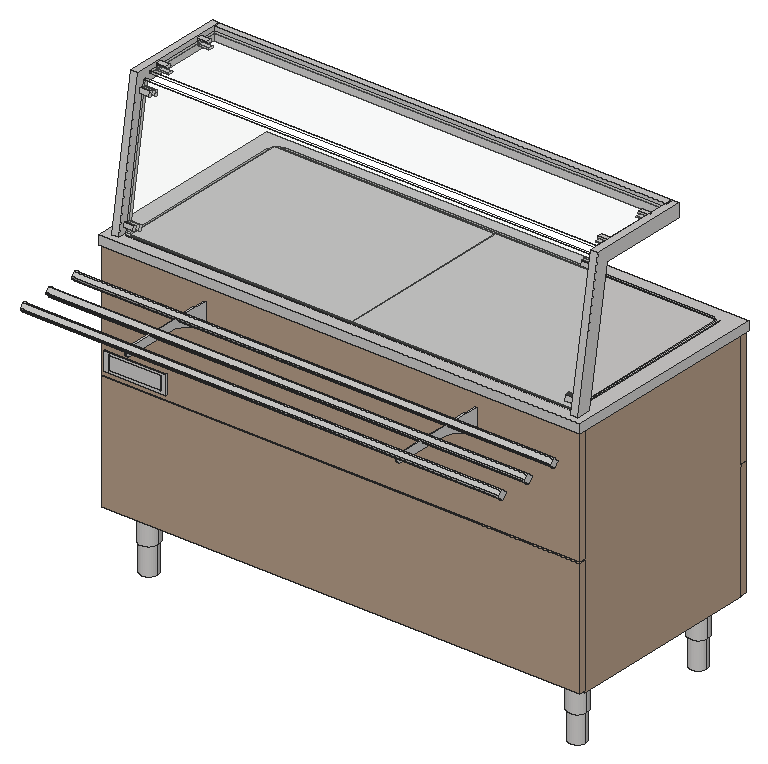
Revit family "QF_ELECTROLUXPROFESSIONAL_322086_F04H4AF01W", category Specialty Equipment, Revit 2018
Family settings
  Round Connector Dimension = Use Diameter
  Part Type = Normal
  Work Plane-Based = No
  Always vertical = Yes
  Cut with Voids When Loaded = No
  Shared = No
  Room Calculation Point = No
Parameters (values of type "Standard")
  Weight = 126.50 kg
  Watts = 0 W
  Volts = 220 V
  URL Manufacturer = "http://professional.electrolux.com"
  URL = "http://professional.electrolux.com"
  Steam Supply Size = 0 mm
  Steam Supply Minimum Pressure = 0.0 Pa
  Steam Supply Maximum Pressure = 0.0 Pa
  Steam Pounds per Hour = 0
  Show Clearance [instance] = yes
  Refrigeration Suction Line Size = 0 mm
  Refrigeration Liquid Line Size = 0 mm
  Refrigerant Compressor Remote = yes
  Manufacturer = "Electrolux Professional"
  Phase = 1
  Model = "F04H4AF01W"
  Length Actual = 1420 mm  # constant formula
  Item Number = "322086"
  Hot Water Size = 0 mm
  Height Actual = 1304 mm  # constant formula
  HP = "0 HP"
  Gas Size = 0 mm
  Gas KW = 0
  Gas Input Pressure = 0 W
  Direct Waste Size = 0 mm
  Description = "TEMPERED GLASS TOP, 4GN H=900MM OVERSHELF W/LED LIGHTS"
  Depth Actual = 915 mm  # constant formula
  Cycle = 60 Hz
  Condensate Return Size = 0 mm
  Compressed Air Volume = 0.0 L/s
  Compressed Air Size = 0 mm
  Compressed Air Pressure = 0.0 Pa
  Cold Water Size = 0 mm
  Accessory = yes
Types (2, lengths in mm): name | URL | Manufacturer | Phase | Model | Description
  (no name) | 0 | 0 | 0 | 0 | 0
  Standard | "http://professional.electrolux.com" | "Electrolux Professional" | 1 | "F04H4AF01W" | "TEMPERED GLASS TOP, 4GN H=900MM OVERSHELF W/LED LIGHTS"
Values of the unnamed type that differ from the named types
  Volts = 0 V
  URL Manufacturer = ""
  Item Number = ""
  Cycle = 0 Hz
Reference planes
  plane 1 "Centro (Fronte/Retro)": y = 74.737
  plane 2: z = 0
  plane 3 "BACK": y = 384.737
  plane 4 "FRONT": y = -235.263
  plane 5: z = 900
  plane 6 "RIGHT": x = 195.731
  plane 7 "LEFT": x = -1224.269
  plane 8: x = -514.269
  plane 9: y = 664.737
  plane 10: y = -530.02
  plane 11: z = 178
  plane 12: z = 1304
  plane 13: z = 1222
  plane 14: y = 297.737
  plane 15: y = -148.263
  plane 16: x = -1146.269
  plane 17: x = 117.731
  plane 18: x = -1220.269
  plane 19: y = -231.263
  plane 20: x = 191.731
  plane 21: y = 380.737
  plane 22: z = 874
  plane 23: y = 362.737
  plane 24: y = -213.263
  plane 25: z = 182
  plane 26: z = 527
  plane 27: z = 531
  plane 28: x = -112.269
  plane 29: x = -916.269
  plane 30: x = -1202.269
  plane 31: x = 173.731
  plane 32: x = 153.731
  plane 33: x = -1182.269
  plane 34: x = -1174.269
  plane 35: x = 145.731
  plane 36: y = 130.237
  plane 37: y = 19.237
  plane 38: y = 33.237
  plane 39: y = 116.237
  plane 40: x = -1112.269
  plane 41: x = 90.731
Forms (mm)
  Extrusion 1, solid, material "QF_Finishes_Wood"
    sketch origin (0, 0, 0) x (1, 0, 0) y (0, 1, 0)
      loop
        line (-1220.269, 362.737) -> (-1220.269, -213.263) -> (191.731, -213.263) -> (191.731, 362.737) -> (-1220.269, 362.737)
    from 178 to 874
  Extrusion 2, solid, material "QF_Finishes_Wood"
    sketch origin (191.731, 362.737, 0) x (0, -1, 0) y (0, 0, -1)
      loop
        line (576, -182) -> (576, -527) -> (594, -527) -> (594, -182) -> (576, -182)
      loop
        line (576, -531) -> (576, -874) -> (594, -874) -> (594, -531) -> (576, -531)
    from 0 to -1412
  Extrusion 3, solid, material "QF_Finishes_Wood"
    sketch origin (191.731, -213.263, 0) x (0, 1, 0) y (0, 0, 1)
      loop
        line (576, 531) -> (594, 531) -> (594, 874) -> (576, 874) -> (576, 531)
    from 0 to -1412
  Extrusion 4, solid, material "QF_Finishes_Stainless Steel"
    sketch origin (0, 0, 0) x (1, 0, 0) y (0, 1, 0)
      loop
        line (-1224.269, 384.737) -> (-1224.269, -235.263) -> (195.731, -235.263) -> (195.731, 384.737) -> (-1224.269, 384.737)
    from 874 to 900
  Extrusion 5, solid, material "QF_Finishes_Stainless Steel"
    sketch origin (-117.269, 362.737, 0) x (0, -1, 0) y (0, 0, -1)
      loop
        arc (628.84, -832.7) -> (632.082, -833.911) -> (635.519, -834.32) r 14.5
        line (635.519, -834.32) -> (675.715, -834.32) -> (689.858, -820.177) -> (704, -834.32) -> (770.715, -834.32) -> (784.858, -820.177) -> (799, -834.32) -> (865.716, -834.32) -> (879.858, -820.177) -> (887.686, -828.005) -> (887.686, -821.352)
        arc (887.686, -821.352) -> (887.303, -819.435) -> (886.214, -817.81) r 4.999
        line (886.214, -817.81) -> (881.179, -812.776)
        arc (881.179, -812.776) -> (879.559, -811.698) -> (877.651, -811.32) r 5
        line (877.651, -811.32) -> (732.206, -811.32)
        arc (732.206, -811.32) -> (708.662, -809.221) -> (685.86, -802.991) r 133.106
        line (685.86, -802.991) -> (638.285, -785.32) -> (597.679, -770.12) -> (594, -770.12) -> (594, -832.7) -> (628.84, -832.7)
    from 0 to 5
  Extrusion 6, solid, material "QF_Finishes_Wood"
    sketch origin (419.731, -213.263, -348) x (0, 1, 0) y (0, 0, 1)
      loop
        line (576, 530) -> (594, 530) -> (594, 875) -> (576, 875) -> (576, 530)
    from -228 to -383
  Extrusion 7, solid, material "QF_Finishes_Wood"
    sketch origin (-234.269, -213.263, -348) x (0, 1, 0) y (0, 0, 1)
      loop
        line (576, 530) -> (594, 530) -> (594, 875) -> (576, 875) -> (576, 530)
    from -831.045 to -986
  Extrusion 8, solid, material "QF_Finishes_Stainless Steel"
    sketch origin (-916.269, 362.737, 0) x (0, -1, 0) y (0, 0, -1)
      loop
        arc (628.84, -832.7) -> (632.082, -833.911) -> (635.519, -834.32) r 14.5
        line (635.519, -834.32) -> (675.715, -834.32) -> (689.858, -820.177) -> (704, -834.32) -> (770.715, -834.32) -> (784.858, -820.177) -> (799, -834.32) -> (865.716, -834.32) -> (879.858, -820.177) -> (887.686, -828.005) -> (887.686, -821.352)
        arc (887.686, -821.352) -> (887.303, -819.435) -> (886.214, -817.81) r 4.999
        line (886.214, -817.81) -> (881.179, -812.776)
        arc (881.179, -812.776) -> (879.559, -811.698) -> (877.651, -811.32) r 5
        line (877.651, -811.32) -> (732.206, -811.32)
        arc (732.206, -811.32) -> (708.662, -809.221) -> (685.86, -802.991) r 133.106
        line (685.86, -802.991) -> (638.285, -785.32) -> (597.679, -770.12) -> (594, -770.12) -> (594, -832.7) -> (628.84, -832.7)
    from 0 to 5
  Extrusion 9, solid, material "QF_Finishes_Stainless Steel"
    sketch origin (191.731, 362.737, 0) x (0, -1, 0) y (0, 0, -1)
      loop
        line (881.983, -846.337) -> (891.875, -836.445)
        arc (891.875, -836.445) -> (892.757, -834.322) -> (891.879, -832.198) r 3
        line (891.879, -832.198) -> (881.979, -822.299)
        arc (881.979, -822.299) -> (879.858, -821.42) -> (877.737, -822.299) r 3
        line (877.737, -822.299) -> (867.837, -832.198)
        arc (867.837, -832.198) -> (866.958, -834.32) -> (867.837, -836.441) r 3
        line (867.837, -836.441) -> (877.737, -846.34)
        arc (877.737, -846.34) -> (879.86, -847.219) -> (881.983, -846.337) r 3
      loop
        line (786.979, -846.34) -> (796.879, -836.441)
        arc (796.879, -836.441) -> (797.757, -834.32) -> (796.879, -832.198) r 3
        line (796.879, -832.198) -> (786.979, -822.299)
        arc (786.979, -822.299) -> (784.858, -821.42) -> (782.737, -822.299) r 3
        line (782.737, -822.299) -> (772.837, -832.198)
        arc (772.837, -832.198) -> (771.958, -834.317) -> (772.833, -836.437) r 3
        line (772.833, -836.437) -> (782.741, -846.345)
        arc (782.741, -846.345) -> (784.861, -847.219) -> (786.979, -846.34) r 3
      loop
        line (691.976, -846.343) -> (701.882, -836.438)
        arc (701.882, -836.438) -> (702.757, -834.318) -> (701.879, -832.198) r 3
        line (701.879, -832.198) -> (691.979, -822.299)
        arc (691.979, -822.299) -> (689.858, -821.42) -> (687.737, -822.299) r 3
        line (687.737, -822.299) -> (677.837, -832.198)
        arc (677.837, -832.198) -> (676.958, -834.32) -> (677.837, -836.441) r 3
        line (677.837, -836.441) -> (687.737, -846.34)
        arc (687.737, -846.34) -> (689.856, -847.219) -> (691.976, -846.343) r 3
    from 0 to -1412
  Extrusion 10, solid, material "QF_Finishes_Stainless Steel"
    sketch origin (191.731, 362.737, 0) x (0, -1, 0) y (0, 0, -1)
      loop
        line (206.477, -1264.379) -> (206.477, -1304) -> (507.108, -1304) -> (578.344, -900) -> (537.727, -900) -> (473.477, -1264.379) -> (206.477, -1264.379)
    from -18 to -38
  Extrusion 11, solid, material "QF_Finishes_Stainless Steel"
    sketch origin (-895.269, 362.737, 0) x (0, -1, 0) y (0, 0, 1)
      loop
        line (206.477, 1264.379) -> (473.477, 1264.379) -> (537.727, 900) -> (578.344, 900) -> (507.108, 1304) -> (206.477, 1304) -> (206.477, 1264.379)
    from 307 to 287
  Extrusion 12, solid, material "QF_Finishes_Glass"
    sketch origin (-133.269, -231.263, 531) x (0, 0, 1) y (-1, 0, 0)
      loop
        line (757.879, -279) -> (765.879, -279) -> (765.879, 1041) -> (757.879, 1041) -> (757.879, -279)
    from -361.5 to -120.204
  Extrusion 13, solid, material "QF_Finishes_Stainless Steel"
    sketch origin (0, 0, 0) x (1, 0, 0) y (0, 1, 0)
      loop
        line (-1182.269, 156.26) -> (-1182.269, 136.26) -> (153.731, 136.26) -> (153.731, 156.26) -> (-1182.269, 156.26)
    from 1264.379 to 1304
  Extrusion 14, solid, material "QF_Finishes_Glass"
    sketch origin (-133.269, 362.737, 0) x (0, -1, 0) y (0, 0, -1)
      loop
        line (494.569, -1282.974) -> (562.097, -900) -> (553.974, -900) -> (486.445, -1282.974) -> (494.569, -1282.974)
    from 279 to -1041
  Extrusion 15, solid, material "QF_Finishes_Wood"
    sketch origin (314.688, -213.263, -348) x (0, 1, 0) y (0, 0, 1)
      loop
        line (576, 530) -> (594, 530) -> (594, 875) -> (576, 875) -> (576, 530)
    from -277.956 to -828.956
  Extrusion 16, solid, material "QF_Finishes_Stainless Steel"
    sketch origin (-308.144, -64.263, 531) x (0, 0, 1) y (-1, 0, 0)
      loop
        line (765.879, 841.5) -> (770.879, 843.5) -> (770.879, 874.125) -> (750.879, 874.125) -> (750.879, 866) -> (751.974, 866) -> (751.974, 835.938) -> (755.879, 837.5) -> (755.879, 867) -> (765.879, 867) -> (765.879, 841.5)
    from 0 to 14
  Extrusion 17, solid, material "QF_Finishes_Stainless Steel"
    sketch origin (-308.144, 85.737, 531) x (0, 0, 1) y (-1, 0, 0)
      loop
        line (765.879, 841.5) -> (770.879, 843.5) -> (770.879, 874.125) -> (750.879, 874.125) -> (750.879, 866) -> (751.974, 866) -> (751.974, 835.938) -> (755.879, 837.5) -> (755.879, 867) -> (765.879, 867) -> (765.879, 841.5)
    from 0 to 14
  Extrusion 18, solid, material "QF_Finishes_Stainless Steel"
    sketch origin (-720.394, -64.263, 531) x (0, 0, 1) y (-1, 0, 0)
      loop
        line (765.879, -841.5) -> (765.879, -867) -> (755.879, -867) -> (755.879, -837.5) -> (751.974, -835.938) -> (751.974, -866) -> (750.879, -866) -> (750.879, -874.125) -> (770.879, -874.125) -> (770.879, -843.5) -> (765.879, -841.5)
    from 0 to 14
  Extrusion 19, solid, material "QF_Finishes_Stainless Steel"
    sketch origin (-720.394, 85.737, 531) x (0, 0, 1) y (-1, 0, 0)
      loop
        line (765.879, -841.5) -> (765.879, -867) -> (755.879, -867) -> (755.879, -837.5) -> (751.974, -835.938) -> (751.974, -866) -> (750.879, -866) -> (750.879, -874.125) -> (770.879, -874.125) -> (770.879, -843.5) -> (765.879, -841.5)
    from 0 to 14
  Extrusion 20, solid, material "QF_Finishes_Stainless Steel"
    sketch origin (-720.394, 619.458, 1129.907) x (0, -0.984808, 0.173648) y (-1, 0, 0)
      loop
        line (765.879, -841.5) -> (765.879, -867) -> (755.879, -867) -> (755.879, -837.5) -> (751.974, -835.938) -> (751.974, -866) -> (750.879, -866) -> (750.879, -874.125) -> (770.879, -874.125) -> (770.879, -843.5) -> (765.879, -841.5)
    from 0 to 14
  Extrusion 21, solid, material "QF_Finishes_Stainless Steel"
    sketch origin (-308.144, 619.458, 1129.907) x (0, -0.984808, 0.173648) y (-1, 0, 0)
      loop
        line (765.879, 841.5) -> (770.879, 843.5) -> (770.879, 874.125) -> (750.879, 874.125) -> (750.879, 866) -> (751.974, 866) -> (751.974, 835.938) -> (755.879, 837.5) -> (755.879, 867) -> (765.879, 867) -> (765.879, 841.5)
    from 0 to 14
  Extrusion 22, solid, material "QF_Finishes_Stainless Steel"
    sketch origin (-720.394, 562.154, 799.389) x (0, -0.984808, 0.173648) y (-1, 0, 0)
      loop
        line (765.879, -841.5) -> (765.879, -867) -> (755.879, -867) -> (755.879, -837.5) -> (751.974, -835.938) -> (751.974, -866) -> (750.879, -866) -> (750.879, -874.125) -> (770.879, -874.125) -> (770.879, -843.5) -> (765.879, -841.5)
    from 0 to 14
  Extrusion 23, solid, material "QF_Finishes_Stainless Steel"
    sketch origin (-308.144, 562.154, 799.389) x (0, -0.984808, 0.173648) y (-1, 0, 0)
      loop
        line (765.879, 841.5) -> (770.879, 843.5) -> (770.879, 874.125) -> (750.879, 874.125) -> (750.879, 866) -> (751.974, 866) -> (751.974, 835.938) -> (755.879, 837.5) -> (755.879, 867) -> (765.879, 867) -> (765.879, 841.5)
    from 0 to 14
  Extrusion 24, solid, material "QF_Finishes_Wood"
    sketch origin (-236.312, -213.263, -348) x (0, 1, 0) y (0, 0, 1)
      loop
        line (576, 530) -> (594, 530) -> (594, 875) -> (576, 875) -> (576, 530)
    from -277.956 to -828.956
  Extrusion 25, solid, material "QF_Door-Drawer Clearances", visible <- "Show Clearance"
    sketch origin (-1028.537, -4, 0) x (-1, 0, 0) y (0, -1, 0)
      loop
        arc (-514.269, -384.737) -> (-496.592, -527.741) -> (-441.747, -660.987) r 540.292
        line (-441.747, -660.987) -> (36.731, -384.737) -> (-514.269, -384.737)
    from 182 to 527
  Extrusion 26, solid, material "QF_Finishes_Stainless Steel"
    sketch origin (325, 0, 0) x (1, 0, 0) y (0, 1, 0)
      loop
        circle (-196.269, 124.737) r 10
    from 178 to 166
  Extrusion 27, solid, material "QF_Finishes_Stainless Steel"
    sketch origin (-1353.537, 0, 0) x (-1, 0, 0) y (0, -1, 0)
      loop
        circle (-196.269, -124.737) r 10
    from 178 to 166
  Extrusion 28, solid, material "QF_Door-Drawer Clearances", visible <- "Show Clearance"
    sketch origin (0, -4, 0) x (1, 0, 0) y (0, 1, 0)
      loop
        line (-514.269, 384.737) -> (36.731, 384.737) -> (-441.747, 660.987)
        arc (-441.747, 660.987) -> (-496.592, 527.741) -> (-514.269, 384.737) r 540.292
    from 182 to 527
  Extrusion 29, void
    sketch origin (0, 0, 0) x (1, 0, 0) y (0, 1, 0)
      loop
        line (-1174.269, 320.392) -> (-1174.269, -169.608)
        arc (-1174.269, -169.608) -> (-1165.482, -190.821) -> (-1144.269, -199.608) r 30
        line (-1144.269, -199.608) -> (115.731, -199.608)
        arc (115.731, -199.608) -> (136.945, -190.821) -> (145.731, -169.608) r 30
        line (145.731, -169.608) -> (145.731, 320.392)
        arc (145.731, 320.392) -> (136.945, 341.606) -> (115.731, 350.392) r 30
        line (115.731, 350.392) -> (-1144.269, 350.392)
        arc (-1144.269, 350.392) -> (-1165.482, 341.606) -> (-1174.269, 320.392) r 30
    from 681.589 to 900
Cuts and joins
  Extrusion 29 cuts Extrusion 1
  Extrusion 29 cuts Extrusion 4
  Extrusion 29 cuts Extrusion 14
Lines and regions (mm)
  symbolic lines
    curve 1: line (195.731, 384.737, 0) -> (195.731, -235.263, 0)
    curve 2: line (-1224.269, -235.263, 0) -> (-1224.269, 384.737, 0)
    curve 3: line (-1224.269, 384.737, 0) -> (195.731, 384.737, 0)
    curve 4: line (-1224.269, -235.263, 0) -> (195.731, -235.263, 0)
    curve 5: line (145.731, -64.263, 0) -> (145.731, 71.737, 0)
    curve 6: line (-1174.269, 71.737, 0) -> (-1174.269, -64.263, 0)
    curve 7: line (-1202.269, 156.26, 0) -> (173.731, 156.26, 0)
    curve 8: line (173.731, 156.26, 0) -> (173.731, -215.607, 0)
    curve 9: line (173.731, -215.607, 0) -> (153.731, -215.607, 0)
    curve 10: line (153.731, -215.607, 0) -> (153.731, 156.26, 0)
    curve 11: line (153.731, 136.26, 0) -> (-1182.269, 136.26, 0)
    curve 12: line (-1182.269, 156.26, 0) -> (-1182.269, -215.607, 0)
    curve 13: line (-1182.269, -215.607, 0) -> (-1202.269, -215.607, 0)
    curve 14: line (-1202.269, -215.607, 0) -> (-1202.269, 156.26, 0)
    curve 15: line (-1202.269, -144.371, 0) -> (-1182.269, -144.371, 0)
    curve 16: line (153.731, -144.371, 0) -> (173.731, -144.371, 0)
    curve 17: line (-1174.269, 130.237, 0) -> (-1174.269, 85.737, 0)
    curve 18: line (-1174.269, 130.237, 0) -> (145.731, 130.237, 0)
    curve 19: line (145.731, 130.237, 0) -> (145.731, 85.737, 0)
    curve 20: line (145.731, -78.263, 0) -> (145.731, -111.059, 0)
    curve 21: line (153.731, 85.737, 0) -> (121.231, 85.737, 0)
    curve 22: line (121.231, 85.737, 0) -> (121.231, 71.737, 0)
    curve 23: line (121.231, 71.737, 0) -> (153.731, 71.737, 0)
    curve 24: line (153.731, -64.263, 0) -> (121.231, -64.263, 0)
    curve 25: line (121.231, -64.263, 0) -> (121.231, -78.263, 0)
    curve 26: line (121.231, -78.263, 0) -> (153.731, -78.263, 0)
    curve 27: line (-1182.269, -64.263, 0) -> (-1149.769, -64.263, 0)
    curve 28: line (-1149.769, -64.263, 0) -> (-1149.769, -78.263, 0)
    curve 29: line (-1149.769, -78.263, 0) -> (-1182.269, -78.263, 0)
    curve 30: line (-1182.269, 85.737, 0) -> (-1149.769, 85.737, 0)
    curve 31: line (-1149.769, 85.737, 0) -> (-1149.769, 71.737, 0)
    curve 32: line (-1149.769, 71.737, 0) -> (-1182.269, 71.737, 0)
    curve 33: line (-1182.269, -142.14, 0) -> (-1151.769, -142.14, 0)
    curve 34: line (-1151.769, -142.14, 0) -> (-1151.769, -139.709, 0)
    curve 35: line (-1151.769, -139.709, 0) -> (-1182.269, -139.709, 0)
    curve 36: line (-1151.769, -142.14, 0) -> (-1149.769, -137.216, 0)
    curve 37: line (-1175.269, -134.785, 0) -> (-1149.769, -134.785, 0)
    curve 38: line (-1175.269, -134.785, 0) -> (-1175.269, -124.937, 0)
    curve 39: line (-1175.269, -124.937, 0) -> (-1174.269, -124.937, 0)
    curve 40: line (-1175.269, -127.368, 0) -> (-1174.269, -127.368, 0)
    curve 41: line (-1182.269, -120.013, 0) -> (-1174.269, -120.013, 0)
    curve 42: line (-1174.269, -120.013, 0) -> (-1174.269, -121.091, 0)
    curve 43: line (-1174.269, -121.091, 0) -> (-1144.207, -121.091, 0)
    curve 44: line (-1144.207, -121.091, 0) -> (-1144.207, -123.708, 0)
    curve 45: line (-1144.207, -121.091, 0) -> (-1145.269, -123.708, 0)
    curve 46: line (-1151.769, -139.709, 0) -> (-1149.769, -134.785, 0)
    curve 47: line (-1149.769, -134.785, 0) -> (-1149.769, -137.216, 0)
    curve 48: line (-1174.269, -123.708, 0) -> (-1174.269, -134.785, 0)
    curve 49: line (145.731, -131.831, 0) -> (145.731, -123.708, 0)
    curve 50: line (145.731, -123.708, 0) -> (-1174.269, -123.708, 0)
    curve 51: line (153.731, -142.14, 0) -> (123.231, -142.14, 0)
    curve 52: line (123.231, -142.14, 0) -> (123.231, -139.709, 0)
    curve 53: line (123.231, -139.709, 0) -> (153.731, -139.709, 0)
    curve 54: line (123.231, -142.14, 0) -> (121.231, -137.216, 0)
    curve 55: line (146.731, -134.785, 0) -> (121.231, -134.785, 0)
    curve 56: line (146.731, -134.785, 0) -> (146.731, -124.937, 0)
    curve 57: line (146.731, -124.937, 0) -> (145.731, -124.937, 0)
    curve 58: line (146.731, -127.368, 0) -> (145.731, -127.368, 0)
    curve 59: line (153.731, -120.013, 0) -> (145.731, -120.013, 0)
    curve 60: line (145.731, -120.013, 0) -> (145.731, -121.091, 0)
    curve 61: line (145.731, -121.091, 0) -> (115.669, -121.091, 0)
    curve 62: line (115.669, -121.091, 0) -> (115.669, -123.708, 0)
    curve 63: line (115.669, -121.091, 0) -> (116.732, -123.708, 0)
    curve 64: line (123.231, -139.709, 0) -> (121.231, -134.785, 0)
    curve 65: line (121.231, -134.785, 0) -> (121.231, -137.216, 0)
    curve 66: line (145.731, -123.708, 0) -> (145.731, -134.785, 0)
    curve 67: line (-1174.269, -142.14, 0) -> (-1174.269, -192.089, 0)
    curve 68: line (-1174.269, -177.317, 0) -> (-1182.269, -177.317, 0)
    curve 69: line (-1174.269, -182.241, 0) -> (-1175.269, -182.241, 0)
    curve 70: line (-1175.269, -184.672, 0) -> (-1174.269, -184.672, 0)
    curve 71: line (-1175.269, -182.241, 0) -> (-1175.269, -192.089, 0)
    curve 72: line (-1175.269, -192.089, 0) -> (-1149.779, -192.089, 0)
    curve 73: line (-1151.769, -197.013, 0) -> (-1149.779, -192.089, 0)
    curve 74: line (-1149.779, -192.089, 0) -> (-1149.779, -194.52, 0)
    curve 75: line (-1151.769, -199.444, 0) -> (-1149.779, -194.52, 0)
    curve 76: line (-1151.769, -197.013, 0) -> (-1151.769, -199.444, 0)
    curve 77: line (-1182.269, -199.444, 0) -> (-1151.769, -199.444, 0)
    curve 78: line (-1151.769, -197.013, 0) -> (-1182.269, -197.013, 0)
    curve 79: line (145.731, -177.317, 0) -> (153.731, -177.317, 0)
    curve 80: line (145.731, -182.241, 0) -> (146.731, -182.241, 0)
    curve 81: line (146.731, -184.672, 0) -> (145.731, -184.672, 0)
    curve 82: line (146.731, -182.241, 0) -> (146.731, -192.089, 0)
    curve 83: line (146.731, -192.089, 0) -> (121.242, -192.089, 0)
    curve 84: line (123.231, -197.013, 0) -> (121.242, -192.089, 0)
    curve 85: line (121.242, -192.089, 0) -> (121.242, -194.52, 0)
    curve 86: line (123.231, -199.444, 0) -> (121.242, -194.52, 0)
    curve 87: line (123.231, -197.013, 0) -> (123.231, -199.444, 0)
    curve 88: line (153.731, -199.444, 0) -> (123.231, -199.444, 0)
    curve 89: line (123.231, -197.013, 0) -> (153.731, -197.013, 0)
    curve 90: line (-1151.735, -199.36, 0) -> (123.197, -199.36, 0)
    curve 91: line (-1174.269, -78.263, 0) -> (-1174.269, -111.059, 0)
    curve 92: line (-1174.269, -111.059, 0) -> (145.731, -111.059, 0)
    curve 93: line (-1174.269, -131.831, 0) -> (145.731, -131.831, 0)
    curve 94: line (145.731, -142.14, 0) -> (145.731, -192.089, 0)
    curve 95: line (-1224.269, -235.263, 0) -> (-1224.269, -530.02, 0)
    curve 96: line (-1224.269, -530.02, 0) -> (195.731, -530.02, 0)
    curve 97: line (195.731, -530.02, 0) -> (195.731, -235.263, 0)
  symbolic lines, style "QF_Door-Drawer Clearances"
    curve 98: line (-586.79, 656.987, 0) -> (-1058.34, 384.737, 0)
    curve 99: arc (-514.24, 384.737, 0) -> (-532.456, 525.674, 0) -> (-586.79, 656.987, 0) r 540.292
    curve 100: line (-576.79, 639.666, 0) -> (-1018.34, 384.737, 0)
    curve 101: line (-441.747, 656.987, 0) -> (29.803, 384.737, 0)
    curve 102: arc (-514.297, 384.737, 0) -> (-496.081, 525.674, 0) -> (-441.747, 656.987, 0) r 540.292
    curve 103: line (-451.747, 639.666, 0) -> (-10.197, 384.737, 0)
  symbolic lines, style "SpecialityEquipmentHiddenLines"
    curve 104: line (136.731, -190.263, 0) -> (136.731, 339.737, 0)
    curve 105: line (136.731, 339.737, 0) -> (-513.269, 339.737, 0)
    curve 106: line (-513.269, 339.737, 0) -> (-513.269, -190.263, 0)
    curve 107: line (-515.269, -190.263, 0) -> (-515.269, 339.737, 0)
    curve 108: line (-515.269, 339.737, 0) -> (-1165.269, 339.737, 0)
    curve 109: line (-1165.269, 339.737, 0) -> (-1165.269, -190.263, 0)
    curve 110: line (-1165.269, -190.263, 0) -> (-515.269, -190.263, 0)
    curve 111: line (-513.269, -190.263, 0) -> (136.731, -190.263, 0)
Dimensions and locks
  plane 7 "LEFT" to plane 6 "RIGHT" = 1420 mm
  equal spacing: plane 3 "BACK", plane 1 "Centro (Fronte/Retro)", plane 4 "FRONT"
  plane 3 "BACK" to plane 4 "FRONT" = 620 mm
  equal spacing: plane 7 "LEFT", plane 8, plane 6 "RIGHT"
  locked: plane 9 to plane 3 "BACK" at 280
  locked: plane 4 "FRONT" to plane 10 at 294.757
  locked: plane 11 to plane 2 at 178
  locked: plane 5 to plane 2 at 900
  locked: plane 12 to plane 2 at 1304
  locked: plane 13 to plane 2 at 1222
  locked: plane 3 "BACK" to plane 14 at 87
  locked: plane 7 "LEFT" to plane 16 at 78
  locked: plane 17 to plane 6 "RIGHT" at 78
  locked: plane 15 to plane 4 "FRONT" at 87
  locked: plane 3 "BACK" to plane 21 at 4
  locked: plane 7 "LEFT" to plane 18 at 4
  locked: plane 20 to plane 6 "RIGHT" at 4
  locked: plane 19 to plane 4 "FRONT" at 4
  locked: plane 5 to plane 22 at 26
  locked: plane 24 to plane 19 at 18
  locked: plane 21 to plane 23 at 18
  plane 20 to plane 28 = 304 mm
  plane 29 to plane 18 = 304 mm
  equal spacing: plane 30, plane 8, plane 31
  plane 30 to plane 31 = 1376 mm
  locked: plane 30 to plane 33 at 20
  locked: plane 32 to plane 31 at 20
  equal spacing: plane 34, plane 8, plane 35
  plane 34 to plane 35 = 1320 mm
  equal spacing: plane 36, plane 1 "Centro (Fronte/Retro)", plane 37
  plane 36 to plane 37 = 111 mm
  locked: plane 36 to plane 39 at 14
  locked: plane 38 to plane 37 at 14
  locked: plane 41 to plane 6 "RIGHT" at 105
  locked: plane 7 "LEFT" to plane 40 at 112
  plane 16 to plane 7 "LEFT" = 78 mm
  plane 6 "RIGHT" to plane 17 = 78 mm
  angle Extrusion 25 sketch curve to Extrusion 25 sketch curve = 30.00°
  angle Extrusion 28 sketch curve to Extrusion 28 sketch curve = 30.00°
  aligned and locked: level to plane 2
  aligned and locked: Extrusion 1 sketch curve to plane 23
  aligned and locked: plane 18 to Extrusion 1 sketch curve
  aligned and locked: plane 24 to Extrusion 1 sketch curve
  aligned and locked: Extrusion 1 sketch curve to plane 20
  aligned and locked: Extrusion 1 to plane 22
  aligned and locked: Extrusion 1 to plane 11
  aligned and locked: plane 25 to Extrusion 2 sketch curve
  aligned and locked: Extrusion 2 sketch curve to plane 24  (x2)
  aligned and locked: Extrusion 2 sketch curve to plane 26
  aligned and locked: plane 19 to Extrusion 2 sketch curve  (x2)
  aligned and locked: plane 27 to Extrusion 2 sketch curve
  aligned and locked: Extrusion 2 sketch curve to plane 22
  aligned and locked: Extrusion 2 to plane 18
  aligned and locked: Extrusion 3 to plane 18
  aligned and locked: Extrusion 4 sketch curve to plane 3 "BACK"
  aligned and locked: plane 7 "LEFT" to Extrusion 4 sketch curve
  aligned and locked: plane 4 "FRONT" to Extrusion 4 sketch curve
  aligned and locked: Extrusion 4 sketch curve to plane 6 "RIGHT"
  aligned and locked: Extrusion 4 to plane 22
  aligned and locked: plane 20 to Extrusion 6
  aligned and locked: Extrusion 7 to plane 18
  aligned and locked: Extrusion 6 to plane 25
  aligned and locked: Extrusion 7 to plane 25
  aligned and locked: plane 16 to nested 1
  aligned and locked: plane 17 to nested 2
  aligned and locked: nested 2 to plane 15
  aligned and locked: nested 1 to plane 15
  aligned and locked: nested 3 to plane 14
  aligned and locked: plane 16 to nested 4
  aligned and locked: plane 20 to Extrusion 9
  aligned and locked: Extrusion 9 to plane 18
  aligned and locked: nested 4 to plane 14
  aligned and locked: Extrusion 10 to plane 31
  aligned and locked: Extrusion 10 to plane 32
  aligned and locked: plane 33 to Extrusion 11
  aligned and locked: Extrusion 11 to plane 30
  aligned and locked: Extrusion 13 sketch curve to plane 32
  aligned and locked: plane 33 to Extrusion 13 sketch curve
  aligned and locked: Extrusion 13 to Extrusion 10
  aligned and locked: Extrusion 14 to plane 34
  aligned and locked: plane 35 to Extrusion 14
  aligned and locked: Extrusion 12 sketch curve to plane 35
  aligned and locked: plane 34 to Extrusion 12 sketch curve
  aligned and locked: plane 17 to nested 3
Automatic sketch dimensions
  curve 96 to plane 7 "LEFT" = 0 mm
  curve 7 to plane 30 = 0 mm
  curve 30 to plane 33 = 0 mm
  curve 40 to plane 34 = 0 mm
  curve 6 to plane 34 = 0 mm
  curve 70 to plane 34 = 0 mm
  curve 91 to plane 34 = 0 mm
  curve 18 to plane 34 = 0 mm
  curve 98 to plane 3 "BACK" = 0 mm
  curve 66 to plane 35 = 0 mm
  curve 5 to plane 35 = 0 mm
  curve 18 to plane 35 = 0 mm
  curve 94 to plane 35 = 0 mm
  curve 92 to plane 35 = 0 mm
  curve 21 to plane 32 = 0 mm
  curve 7 to plane 31 = 0 mm
  curve 96 to plane 6 "RIGHT" = 0 mm
  curve 96 to plane 10 = 0 mm
  curve 97 to plane 4 "FRONT" = 0 mm
  curve 17 to plane 36 = 0 mm
  curve 69 to plane 34 = 1 mm
  curve 37 to curve 48 = 1 mm
  curve 42 to plane 34 = 0 mm
  curve 46 to plane 16 = 5.5 mm
  curve 78 to plane 16 = 5.5 mm
  curve 72 to plane 16 = 3.511 mm
  curve 46 to plane 16 = 3.5 mm
  curve 32 to plane 16 = 3.5 mm
  curve 27 to plane 16 = 3.5 mm
  plane 16 to curve 44 = 2.062 mm
  plane 3 "BACK" to curve 99 = 1.815 mm
  curve 99 to plane 40 = 57.739 mm
  curve 98 to plane 9 = 7.75 mm
  curve 98 to plane 8 = 72.521 mm
  curve 101 to plane 9 = 7.75 mm
  plane 8 to curve 101 = 72.521 mm
  plane 3 "BACK" to curve 102 = 1.815 mm
  plane 41 to curve 102 = 64.739 mm
  curve 63 to plane 17 = 2.062 mm
  plane 17 to curve 24 = 3.5 mm
  plane 17 to curve 23 = 3.5 mm
  plane 17 to curve 55 = 3.5 mm
  plane 17 to curve 85 = 3.511 mm
  curve 54 to curve 53 = 2 mm
  curve 85 to curve 86 = 1.989 mm
  plane 35 to curve 61 = 0 mm
  curve 94 to curve 83 = 1 mm
  plane 35 to curve 55 = 1 mm
  curve 13 to plane 24 = 2.344 mm
  curve 10 to plane 24 = 2.344 mm
  plane 24 to curve 77 = 13.819 mm
  plane 24 to curve 88 = 13.819 mm
  curve 75 to curve 78 = 2.431 mm
  curve 86 to curve 87 = 2.431 mm
  curve 73 to curve 75 = 2.493 mm
  curve 84 to curve 86 = 2.493 mm
  curve 89 to curve 82 = 4.924 mm
  curve 74 to curve 72 = 2.431 mm
  curve 71 to curve 71 = 9.848 mm
  curve 82 to curve 80 = 9.848 mm
  plane 15 to curve 36 = 6.122 mm
  plane 15 to curve 51 = 6.122 mm
  curve 51 to curve 52 = 2.431 mm
  curve 33 to curve 35 = 2.431 mm
  curve 34 to curve 36 = 2.493 mm
  curve 52 to curve 54 = 2.493 mm
  curve 54 to curve 55 = 2.431 mm
  curve 36 to curve 47 = 2.431 mm
  curve 66 to curve 93 = 2.954 mm
  curve 93 to curve 38 = 6.894 mm
  curve 49 to curve 56 = 6.894 mm
  curve 57 to curve 49 = 1.229 mm
  curve 62 to curve 63 = 2.617 mm
  curve 44 to curve 43 = 2.617 mm
  curve 60 to curve 59 = 1.078 mm
  curve 42 to curve 42 = 1.078 mm
  curve 59 to curve 92 = 8.954 mm
  curve 91 to curve 29 = 32.796 mm
  curve 20 to curve 25 = 32.796 mm
  curve 25 to curve 25 = 14 mm
  curve 28 to curve 28 = 14 mm
  plane 1 "Centro (Fronte/Retro)" to curve 23 = 3 mm
  plane 1 "Centro (Fronte/Retro)" to curve 31 = 3 mm
  curve 22 to plane 1 "Centro (Fronte/Retro)" = 11 mm
  curve 31 to plane 1 "Centro (Fronte/Retro)" = 11 mm
  plane 36 to curve 7 = 26.023 mm
  curve 75 to curve 90 = 0.034 mm
  plane 16 to curve 45 = 0.999 mm
  curve 98 to curve 99 = 3.811 mm
  curve 99 to curve 100 = 36.189 mm
  curve 100 to plane 9 = 25.071 mm
  curve 99 to curve 100 = 10 mm
  curve 103 to plane 9 = 25.071 mm
  curve 103 to curve 102 = 10 mm
  curve 103 to curve 102 = 36.189 mm
  curve 102 to curve 101 = 3.811 mm
  curve 63 to plane 17 = 0.999 mm
  curve 81 to curve 80 = 2.431 mm
  curve 70 to curve 69 = 2.431 mm
  curve 80 to curve 79 = 4.924 mm
  curve 69 to curve 68 = 4.924 mm
  curve 16 to curve 51 = 2.23 mm
  plane 15 to curve 15 = 3.892 mm
  curve 40 to curve 39 = 2.431 mm
  curve 58 to curve 56 = 2.431 mm
  plane 36 to curve 11 = 6.023 mm
  Extrusion 1 to Extrusion 3 sketch curve = 0 mm
  Extrusion 3 sketch curve to Extrusion 1 = 0 mm
  Extrusion 3 sketch curve to Extrusion 3 sketch curve = 18 mm
  Extrusion 3 sketch curve to Extrusion 3 sketch curve = 343 mm
  Extrusion 5 sketch curve to plane 19 = 0 mm
  plane 4 "FRONT" to Extrusion 5 sketch curve = 0.321 mm
  Extrusion 5 sketch curve to plane 4 "FRONT" = 30.84 mm
  Extrusion 5 sketch curve to Extrusion 5 sketch curve = 6.66 mm
  Extrusion 5 sketch curve to Extrusion 5 sketch curve = 6.678 mm
  Extrusion 5 sketch curve to Extrusion 5 sketch curve = 2.785 mm
  Extrusion 5 sketch curve to Extrusion 5 sketch curve = 40.197 mm
  Extrusion 5 sketch curve to Extrusion 5 sketch curve = 10.145 mm
  Extrusion 5 sketch curve to Extrusion 5 sketch curve = 3.998 mm
  Extrusion 5 sketch curve to plane 22 = 39.68 mm  (x3)
  Extrusion 5 sketch curve to Extrusion 5 sketch curve = 14.142 mm  (x3)
  Extrusion 5 sketch curve to Extrusion 5 sketch curve = 28.206 mm
  Extrusion 5 sketch curve to Extrusion 5 sketch curve = 38.51 mm
  Extrusion 5 sketch curve to Extrusion 5 sketch curve = 14.143 mm
  plane 10 to Extrusion 5 sketch curve = 27.042 mm
  plane 10 to Extrusion 5 sketch curve = 15.107 mm
  Extrusion 5 sketch curve to Extrusion 5 sketch curve = 2.207 mm
  Extrusion 5 sketch curve to Extrusion 5 sketch curve = 3.528 mm  (x2)
  Extrusion 5 sketch curve to Extrusion 5 sketch curve = 2.829 mm
  plane 10 to Extrusion 5 sketch curve = 5.072 mm
  Extrusion 5 sketch curve to Extrusion 5 sketch curve = 1.62 mm
  Extrusion 5 sketch curve to Extrusion 5 sketch curve = 6.314 mm
  Extrusion 5 sketch curve to Extrusion 5 sketch curve = 6.653 mm
  Extrusion 5 sketch curve to Extrusion 5 sketch curve = 1.175 mm
  Extrusion 5 sketch curve to Extrusion 5 sketch curve = 3.858 mm
  Extrusion 5 sketch curve to Extrusion 5 sketch curve = 3.543 mm
  Extrusion 5 sketch curve to Extrusion 5 sketch curve = 23 mm
  Extrusion 5 sketch curve to Extrusion 5 sketch curve = 17.187 mm
  Extrusion 5 sketch curve to Extrusion 5 sketch curve = 34.499 mm
  Extrusion 5 sketch curve to Extrusion 5 sketch curve = 15.2 mm
  Extrusion 5 sketch curve to Extrusion 5 sketch curve = 0 mm
  Extrusion 6 sketch curve to plane 23 = 0 mm
  Extrusion 6 sketch curve to plane 21 = 0 mm
  Extrusion 6 sketch curve to plane 25 = 0 mm
  Extrusion 6 sketch curve to plane 26 = 0 mm
  Extrusion 7 sketch curve to plane 23 = 0 mm
  Extrusion 7 sketch curve to plane 21 = 0 mm
  Extrusion 7 sketch curve to plane 25 = 0 mm
  Extrusion 7 sketch curve to plane 26 = 0 mm
  Extrusion 8 sketch curve to plane 19 = 0 mm
  plane 4 "FRONT" to Extrusion 8 sketch curve = 0.321 mm
  Extrusion 8 sketch curve to plane 4 "FRONT" = 30.84 mm
  Extrusion 8 sketch curve to Extrusion 8 sketch curve = 6.66 mm
  Extrusion 8 sketch curve to Extrusion 8 sketch curve = 6.678 mm
  Extrusion 8 sketch curve to Extrusion 8 sketch curve = 2.785 mm
  Extrusion 8 sketch curve to Extrusion 8 sketch curve = 40.197 mm
  Extrusion 8 sketch curve to Extrusion 8 sketch curve = 10.145 mm
  Extrusion 8 sketch curve to Extrusion 8 sketch curve = 3.998 mm
  Extrusion 8 sketch curve to plane 22 = 39.68 mm  (x3)
  Extrusion 8 sketch curve to Extrusion 8 sketch curve = 14.142 mm  (x3)
  Extrusion 8 sketch curve to Extrusion 8 sketch curve = 28.206 mm
  Extrusion 8 sketch curve to Extrusion 8 sketch curve = 38.51 mm
  Extrusion 8 sketch curve to Extrusion 8 sketch curve = 14.143 mm
  plane 10 to Extrusion 8 sketch curve = 27.042 mm
  plane 10 to Extrusion 8 sketch curve = 15.107 mm
  Extrusion 8 sketch curve to Extrusion 8 sketch curve = 2.207 mm
  Extrusion 8 sketch curve to Extrusion 8 sketch curve = 3.528 mm  (x2)
  Extrusion 8 sketch curve to Extrusion 8 sketch curve = 2.829 mm
  plane 10 to Extrusion 8 sketch curve = 5.072 mm
  Extrusion 8 sketch curve to Extrusion 8 sketch curve = 1.62 mm
  Extrusion 8 sketch curve to Extrusion 8 sketch curve = 6.314 mm
  Extrusion 8 sketch curve to Extrusion 8 sketch curve = 6.653 mm
  Extrusion 8 sketch curve to Extrusion 8 sketch curve = 1.175 mm
  Extrusion 8 sketch curve to Extrusion 8 sketch curve = 3.858 mm
  Extrusion 8 sketch curve to Extrusion 8 sketch curve = 3.543 mm
  Extrusion 8 sketch curve to Extrusion 8 sketch curve = 23 mm
  Extrusion 8 sketch curve to Extrusion 8 sketch curve = 17.187 mm
  Extrusion 8 sketch curve to Extrusion 8 sketch curve = 34.499 mm
  Extrusion 8 sketch curve to Extrusion 8 sketch curve = 15.2 mm
  Extrusion 8 sketch curve to Extrusion 8 sketch curve = 0 mm
  Extrusion 1 to Extrusion 9 sketch curve = 39.68 mm
  Extrusion 9 sketch curve to Extrusion 1 = 103.958 mm
  Extrusion 9 sketch curve to Extrusion 9 sketch curve = 9.899 mm  (x7)
  Extrusion 1 to Extrusion 9 sketch curve = 27.657 mm
  Extrusion 9 sketch curve to Extrusion 9 sketch curve = 2.118 mm  (x3)
  Extrusion 1 to Extrusion 9 sketch curve = 37.562 mm
  Extrusion 9 sketch curve to Extrusion 9 sketch curve = 2.124 mm  (x2)
  Extrusion 1 to Extrusion 9 sketch curve = 37.563 mm
  Extrusion 9 sketch curve to Extrusion 9 sketch curve = 70.951 mm
  Extrusion 1 to Extrusion 9 sketch curve = 41.802 mm  (x6)
  Extrusion 9 sketch curve to Extrusion 9 sketch curve = 0.004 mm
  Extrusion 9 sketch curve to Extrusion 9 sketch curve = 2.126 mm
  Extrusion 1 to Extrusion 9 sketch curve = 27.655 mm
  Extrusion 9 sketch curve to Extrusion 9 sketch curve = 9.908 mm
  Extrusion 9 sketch curve to Extrusion 9 sketch curve = 2.117 mm
  Extrusion 9 sketch curve to Extrusion 9 sketch curve = 9.9 mm  (x3)
  Extrusion 1 to Extrusion 9 sketch curve = 27.66 mm  (x3)
  Extrusion 9 sketch curve to Extrusion 9 sketch curve = 2.121 mm  (x16)
  Extrusion 1 to Extrusion 9 sketch curve = 37.559 mm  (x3)
  Extrusion 9 sketch curve to Extrusion 9 sketch curve = 70.958 mm
  Extrusion 9 sketch curve to Extrusion 9 sketch curve = 0 mm  (x12)
  Extrusion 1 to Extrusion 9 sketch curve = 51.701 mm  (x6)
  Extrusion 1 to Extrusion 9 sketch curve = 27.663 mm
  Extrusion 9 sketch curve to Extrusion 9 sketch curve = 2.125 mm
  Extrusion 1 to Extrusion 9 sketch curve = 37.555 mm
  Extrusion 1 to Extrusion 10 sketch curve = 206.477 mm
  Extrusion 1 to Extrusion 10 sketch curve = 102.523 mm
  Extrusion 10 sketch curve to Extrusion 10 sketch curve = 33.631 mm
  Extrusion 1 to Extrusion 10 sketch curve = 38.273 mm
  Extrusion 10 sketch curve to Extrusion 1 = 2.344 mm
  Extrusion 10 sketch curve to Extrusion 1 = 430 mm
  Extrusion 10 sketch curve to Extrusion 10 sketch curve = 39.621 mm
  Extrusion 10 sketch curve to Extrusion 1 = 26 mm
  Extrusion 11 sketch curve to plane 12 = 0 mm
  Extrusion 11 sketch curve to plane 5 = 0 mm
  plane 36 to Extrusion 11 sketch curve = 26.023 mm
  plane 15 to Extrusion 11 sketch curve = 37.523 mm
  plane 15 to Extrusion 11 sketch curve = 3.892 mm
  Extrusion 11 sketch curve to plane 15 = 26.727 mm
  Extrusion 11 sketch curve to plane 24 = 2.344 mm
  Extrusion 11 sketch curve to plane 12 = 39.621 mm
  Extrusion 12 sketch curve to plane 12 = 15.121 mm
  Extrusion 12 sketch curve to plane 12 = 7.121 mm
  plane 36 to Extrusion 13 sketch curve = 6.023 mm
  Extrusion 13 sketch curve to Extrusion 13 sketch curve = 20 mm
  Extrusion 14 sketch curve to plane 5 = 0 mm
  plane 15 to Extrusion 14 sketch curve = 24.555 mm
  Extrusion 14 sketch curve to Extrusion 14 sketch curve = 8.123 mm  (x2)
  plane 24 to Extrusion 14 sketch curve = 22.026 mm
  Extrusion 14 sketch curve to plane 12 = 21.026 mm
  Extrusion 15 sketch curve to plane 23 = 0 mm
  Extrusion 15 sketch curve to plane 21 = 0 mm
  Extrusion 15 sketch curve to plane 25 = 0 mm
  Extrusion 15 sketch curve to plane 26 = 0 mm
  Extrusion 16 sketch curve to plane 33 = 0 mm
  plane 34 to Extrusion 16 sketch curve = 0.125 mm
  Extrusion 16 sketch curve to plane 12 = 22.121 mm
  Extrusion 16 sketch curve to Extrusion 16 sketch curve = 1.095 mm
  plane 16 to Extrusion 16 sketch curve = 0.625 mm
  Extrusion 16 sketch curve to Extrusion 16 sketch curve = 3.905 mm
  Extrusion 16 sketch curve to plane 34 = 0.875 mm
  Extrusion 16 sketch curve to plane 12 = 7.121 mm
  Extrusion 16 sketch curve to plane 12 = 2.121 mm
  plane 16 to Extrusion 16 sketch curve = 2.187 mm
  Extrusion 16 sketch curve to plane 16 = 3.375 mm
  Extrusion 16 sketch curve to plane 16 = 5.375 mm
  Extrusion 17 sketch curve to plane 33 = 0 mm
  plane 34 to Extrusion 17 sketch curve = 0.125 mm
  Extrusion 17 sketch curve to plane 12 = 22.121 mm
  Extrusion 17 sketch curve to Extrusion 17 sketch curve = 1.095 mm
  plane 16 to Extrusion 17 sketch curve = 0.625 mm
  Extrusion 17 sketch curve to Extrusion 17 sketch curve = 3.905 mm
  Extrusion 17 sketch curve to plane 34 = 0.875 mm
  Extrusion 17 sketch curve to plane 12 = 7.121 mm
  Extrusion 17 sketch curve to plane 12 = 2.121 mm
  plane 16 to Extrusion 17 sketch curve = 2.187 mm
  Extrusion 17 sketch curve to plane 16 = 3.375 mm
  Extrusion 17 sketch curve to plane 16 = 5.375 mm
  Extrusion 18 sketch curve to plane 32 = 0 mm
  Extrusion 18 sketch curve to plane 35 = 0.125 mm
  Extrusion 18 sketch curve to plane 12 = 22.121 mm
  Extrusion 18 sketch curve to Extrusion 18 sketch curve = 1.095 mm
  Extrusion 18 sketch curve to plane 17 = 0.625 mm
  Extrusion 18 sketch curve to Extrusion 18 sketch curve = 3.905 mm
  plane 35 to Extrusion 18 sketch curve = 0.875 mm
  Extrusion 18 sketch curve to plane 12 = 7.121 mm
  Extrusion 18 sketch curve to plane 12 = 2.121 mm
  plane 17 to Extrusion 18 sketch curve = 5.375 mm
  plane 17 to Extrusion 18 sketch curve = 3.375 mm
  Extrusion 18 sketch curve to plane 17 = 2.187 mm
  Extrusion 19 sketch curve to plane 32 = 0 mm
  Extrusion 19 sketch curve to plane 35 = 0.125 mm
  Extrusion 19 sketch curve to plane 12 = 22.121 mm
  Extrusion 19 sketch curve to Extrusion 19 sketch curve = 1.095 mm
  Extrusion 19 sketch curve to plane 17 = 0.625 mm
  Extrusion 19 sketch curve to Extrusion 19 sketch curve = 3.905 mm
  plane 35 to Extrusion 19 sketch curve = 0.875 mm
  Extrusion 19 sketch curve to plane 12 = 7.121 mm
  Extrusion 19 sketch curve to plane 12 = 2.121 mm
  plane 17 to Extrusion 19 sketch curve = 5.375 mm
  plane 17 to Extrusion 19 sketch curve = 3.375 mm
  Extrusion 19 sketch curve to plane 17 = 2.187 mm
  Extrusion 20 sketch curve to plane 35 = 0.125 mm
  Extrusion 20 sketch curve to Extrusion 20 sketch curve = 1.095 mm
  Extrusion 20 sketch curve to plane 17 = 0.625 mm
  Extrusion 20 sketch curve to Extrusion 20 sketch curve = 3.905 mm
  plane 35 to Extrusion 20 sketch curve = 0.875 mm
  Extrusion 20 sketch curve to Extrusion 20 sketch curve = 10 mm
  Extrusion 20 sketch curve to Extrusion 20 sketch curve = 5 mm
  plane 32 to Extrusion 20 sketch curve = 0 mm
  plane 17 to Extrusion 20 sketch curve = 5.375 mm
  plane 17 to Extrusion 20 sketch curve = 3.375 mm
  Extrusion 20 sketch curve to plane 17 = 2.187 mm
  plane 34 to Extrusion 21 sketch curve = 0.125 mm
  Extrusion 21 sketch curve to Extrusion 21 sketch curve = 1.095 mm
  plane 16 to Extrusion 21 sketch curve = 0.625 mm
  Extrusion 21 sketch curve to Extrusion 21 sketch curve = 3.905 mm
  Extrusion 21 sketch curve to plane 34 = 0.875 mm
  Extrusion 21 sketch curve to Extrusion 21 sketch curve = 10 mm
  Extrusion 21 sketch curve to Extrusion 21 sketch curve = 5 mm
  plane 16 to Extrusion 21 sketch curve = 2.187 mm
  Extrusion 21 sketch curve to plane 16 = 3.375 mm
  Extrusion 21 sketch curve to plane 16 = 5.375 mm
  Extrusion 21 sketch curve to plane 33 = 0 mm
  Extrusion 22 sketch curve to plane 35 = 0.125 mm
  Extrusion 22 sketch curve to Extrusion 22 sketch curve = 1.095 mm
  Extrusion 22 sketch curve to plane 17 = 0.625 mm
  Extrusion 22 sketch curve to Extrusion 22 sketch curve = 3.905 mm
  plane 35 to Extrusion 22 sketch curve = 0.875 mm
  Extrusion 22 sketch curve to Extrusion 22 sketch curve = 10 mm
  Extrusion 22 sketch curve to Extrusion 22 sketch curve = 5 mm
  plane 32 to Extrusion 22 sketch curve = 0 mm
  plane 17 to Extrusion 22 sketch curve = 5.375 mm
  plane 17 to Extrusion 22 sketch curve = 3.375 mm
  Extrusion 22 sketch curve to plane 17 = 2.187 mm
  plane 34 to Extrusion 23 sketch curve = 0.125 mm
  Extrusion 23 sketch curve to Extrusion 23 sketch curve = 1.095 mm
  plane 16 to Extrusion 23 sketch curve = 0.625 mm
  Extrusion 23 sketch curve to Extrusion 23 sketch curve = 3.905 mm
  Extrusion 23 sketch curve to plane 34 = 0.875 mm
  Extrusion 23 sketch curve to Extrusion 23 sketch curve = 10 mm
  Extrusion 23 sketch curve to Extrusion 23 sketch curve = 5 mm
  plane 16 to Extrusion 23 sketch curve = 2.187 mm
  Extrusion 23 sketch curve to plane 16 = 3.375 mm
  Extrusion 23 sketch curve to plane 16 = 5.375 mm
  Extrusion 23 sketch curve to plane 33 = 0 mm
  Extrusion 24 sketch curve to plane 23 = 0 mm
  Extrusion 24 sketch curve to plane 21 = 0 mm
  Extrusion 24 sketch curve to plane 25 = 0 mm
  Extrusion 24 sketch curve to plane 26 = 0 mm
  Extrusion 25 sketch curve to plane 8 = 0 mm
  Extrusion 25 sketch curve to plane 21 = 0 mm
  plane 9 to Extrusion 25 sketch curve = 7.75 mm
  plane 8 to Extrusion 25 sketch curve = 72.521 mm
  Extrusion 25 sketch curve to plane 3 "BACK" = 1.815 mm
  plane 17 to Extrusion 26 sketch curve = 11 mm
  Extrusion 26 sketch curve to plane 36 = 5.5 mm
  plane 16 to Extrusion 27 sketch curve = 11 mm
  plane 36 to Extrusion 27 sketch curve = 5.5 mm
  Extrusion 28 sketch curve to plane 8 = 0 mm
  Extrusion 28 sketch curve to plane 21 = 0 mm
  Extrusion 28 sketch curve to plane 9 = 7.75 mm
  plane 8 to Extrusion 28 sketch curve = 72.521 mm
  plane 3 "BACK" to Extrusion 28 sketch curve = 1.815 mm
  Extrusion 29 sketch curve to plane 34 = 0 mm
  Extrusion 29 sketch curve to plane 35 = 0 mm
  plane 16 to Extrusion 29 sketch curve = 2 mm  (x2)
  Extrusion 29 sketch curve to plane 17 = 2 mm  (x2)
  plane 24 to Extrusion 29 sketch curve = 13.655 mm
  plane 14 to Extrusion 29 sketch curve = 22.655 mm
  plane 34 to curve 108 = 9 mm
  curve 107 to plane 8 = 1 mm
  plane 8 to curve 106 = 1 mm
  curve 104 to plane 35 = 9 mm
  plane 24 to curve 107 = 23 mm
  curve 94 to curve 104 = 1.826 mm
  curve 105 to plane 23 = 23 mm
  curve 108 to curve 105 = 0 mm
  radius of Extrusion 26 sketch curve = 10 mm
  radius of Extrusion 27 sketch curve = 10 mm
Nested families
  nested 1: "Foot_Ø50_H150" at (-1146.269, -148.263, 0), type "Foot_Ø50_H150"
  nested 2: "Foot_Ø50_H150" at (117.731, -148.263, 0), type "Foot_Ø50_H150"
  nested 3: "Foot_Ø50_H150" at (117.731, 297.737, 0), type "Foot_Ø50_H150"
  nested 4: "Foot_Ø50_H150" at (-1146.269, 297.737, 0), type "Foot_Ø50_H150"
  nested 5: "Tempered Glass 1420" at (0, 0, 0), type "Tempered Glass 1420"
    with Show Clearance yes
  nested 6: "Controller_compact" at (-1118.019, -231.263, 572.8) x (1, 0, 0) z (0, -1, 0), type "Controller_compact"
  nested 7: "Sun" at (15.731, -45.263, 0), type "Sun"
Connectors
  electrical at (128.731, 124.737, 166)
    settings: on Extrusion 26, index 7, voltage 0 V, apparent load 0 VA, apparent load phase1 0 VA, apparent load phase2 0 VA, apparent load phase3 0 VA, power factor 1, load classification "Other", number of poles 1, system type 31, power factor state 1, is connector primary yes, connector utility no, sub classification motor no, connector description ""
  piping at (-1157.269, 124.737, 166), diameter 20
    settings: on Extrusion 27, index 8, connector inside diameter 609.6 mm, connector length 0 mm, flow factor 0, pipe flow 0.0 L/s, pressure drop 0.0 Pa, fitting loss kfactor 0, connector angle 0.00°, fixture units 0, engagement length 0 mm, angle of deflection 0.00°, flow configuration 1, flow direction 2, fitting loss method 0, system type 16, joint type 0, gender type 0, connector reference index -1, connector utility 0, adjustable connector no, is connector primary yes, connector description ""
Definition of nested family "Foot_Ø50_H150"
  Reference planes
    plane 1 "Centro (Fronte/Retro)": y = 0
    plane 2: z = 0
    plane 3 "Centro (Sinistra/Destra)": x = 0
    plane 4: z = 178
  Forms (mm)
    Revolve 1, solid
      sketch origin (255.05, 0, 608.09) x (0, 0, 1) y (-1, 0, 0)
        loop
          line (-608.09, 255.05) -> (-608.09, 230.05) -> (-526.09, 230.05) -> (-526.09, 226.05) -> (-430.09, 226.05) -> (-430.09, 255.05) -> (-608.09, 255.05)
        axis (-608.09, 255.05) -> (-430.09, 255.05)
      angle from 0 to 360
  Dimensions and locks
    Revolve 1 sketch curve to Revolve 1 sketch curve = 96 mm
    aligned and locked: level to plane 2
    aligned and locked: plane 4 to Revolve 1 sketch curve
    aligned and locked: Revolve 1 sketch curve to level
    aligned and locked: plane 3 "Centro (Sinistra/Destra)" to Revolve 1 sketch curve
Definition of nested family "Tempered Glass 1420"
  Parameters (values of type "Tempered Glass 1420")
    Show Clearance [instance] = yes
  Reference planes
    plane 1 "Centro (Fronte/Retro)": y = 74.737
    plane 2: z = 0
    plane 3 "BACK": y = 384.737
    plane 4 "FRONT": y = -235.263
    plane 5 "RIGHT": x = 195.731
    plane 6 "LEFT": x = -1224.269
    plane 7: x = -514.269
    plane 8 "TOP": z = 900
    plane 9: y = 345.957
    plane 10: y = -196.483
    plane 11: x = -1171.489
    plane 12: x = 142.951
    plane 13: z = 898
    plane 14: z = 822
    plane 15: z = 825
    plane 16: x = 136.731
    plane 17: x = -1165.269
    plane 18: y = 339.737
    plane 19: y = -190.263
    plane 20: x = -515.269
    plane 21: x = -513.269
  Forms (mm)
    Extrusion 1, solid
      sketch origin (0, 0, 900) x (-1, 0, 0) y (0, -1, 0)
        loop
          line (1171.489, -345.957) -> (1171.489, 196.483) -> (-142.951, 196.483) -> (-142.951, -345.957) -> (1171.489, -345.957)
      from -2 to -78
    Sweep 2, void
      path origin (0, 0, 900) x (-1, 0, 0) y (0, -1, 0)
        loop
          line (1171.489, -345.957) -> (1171.489, 196.483) -> (-142.951, 196.483) -> (-142.951, -345.957) -> (1171.489, -345.957)
      profile origin (-514.269, 345.957, 900) x (0, 1, 0) y (0, 0, 1)
        loop
          line (0, -2) -> (-75, -78.22) -> (0, -78.22) -> (0, -2)
    Extrusion 3, solid
      sketch origin (0, 0, 900) x (-1, 0, 0) y (0, -1, 0)
        loop
          line (1165.269, -339.737) -> (1165.269, 190.263) -> (515.269, 190.263) -> (515.269, -339.737) -> (1165.269, -339.737)
        loop
          line (513.269, -339.737) -> (513.269, 190.263) -> (-136.731, 190.263) -> (-136.731, -339.737) -> (513.269, -339.737)
      from -2 to 0
  Cuts and joins
    Sweep 2 cuts Extrusion 1
  Dimensions and locks
    plane 6 "LEFT" to plane 5 "RIGHT" = 1420 mm
    equal spacing: plane 3 "BACK", plane 1 "Centro (Fronte/Retro)", plane 4 "FRONT"
    plane 3 "BACK" to plane 4 "FRONT" = 620 mm
    equal spacing: plane 6 "LEFT", plane 7, plane 5 "RIGHT"
    locked: plane 8 "TOP" to plane 2 at 900
    locked: plane 3 "BACK" to plane 9 at 38.78
    locked: plane 10 to plane 4 "FRONT" at 38.78
    plane 6 "LEFT" to plane 11 = 52.78 mm
    plane 12 to plane 5 "RIGHT" = 52.78 mm
    locked: plane 8 "TOP" to plane 13 at 2
    plane 8 "TOP" to plane 14 = 78 mm
    locked: plane 15 to plane 14 at 3
    locked: plane 11 to plane 17 at 6.22
    locked: plane 16 to plane 12 at 6.22
    locked: plane 9 to plane 18 at 6.22
    locked: plane 19 to plane 10 at 6.22
    plane 17 to plane 20 to plane 21 to plane 16 = 650 mm, 2 mm, 650 mm
    plane 17 to plane 16 = 1302 mm
    plane 6 "LEFT" to plane 17 = 59 mm
    plane 3 "BACK" to plane 18 = 45 mm
    aligned and locked: level to plane 2
    aligned and locked: Extrusion 1 to plane 14
    aligned and locked: plane 11 to Extrusion 1 sketch curve
    aligned and locked: Extrusion 1 sketch curve to plane 9
    aligned and locked: Extrusion 1 sketch curve to plane 12
    aligned and locked: Extrusion 1 sketch curve to plane 10
    aligned and locked: Extrusion 3 sketch curve to plane 18
    aligned and locked: plane 17 to Extrusion 3 sketch curve
    aligned and locked: plane 19 to Extrusion 3 sketch curve
    aligned and locked: plane 8 "TOP" to Extrusion 3
    aligned and locked: Extrusion 3 sketch curve to plane 20
  Automatic sketch dimensions
    Sweep 2 sketch curve to profile plane = 0 mm
    profile plane to Sweep 2 sketch curve = 75 mm
    Sweep 2 sketch curve to plane 8 "TOP" = 78.22 mm
    Sweep 2 sketch curve to plane 8 "TOP" = 2 mm
    Extrusion 3 sketch curve to plane 16 = 0 mm
    Extrusion 3 sketch curve to plane 19 = 0 mm
    Extrusion 3 sketch curve to plane 21 = 0 mm
    Extrusion 3 sketch curve to plane 18 = 0 mm
    plane 9 to Sweep 2 sketch curve = 0 mm
    Sweep 2 sketch curve to plane 12 = 0 mm
    Sweep 2 sketch curve to plane 10 = 0 mm
    Sweep 2 sketch curve to plane 11 = 0 mm
Definition of nested family "Controller_compact"
  Parameters
    Default Elevation = 1219.2 mm
  Reference planes
    plane 1 "Center (Front/Back)": y = 0
    plane 2: z = 0
    plane 3 "Center (Left/Right)": x = 0
    plane 4: x = -76
    plane 5: x = 76
    plane 6: y = -21
    plane 7: y = 21
    plane 8: x = -92.25
    plane 9: x = 92.25
    plane 10: y = -27.2
    plane 11: y = 27.2
  Forms (mm)
    Extrusion 1, solid
      sketch origin (0, 0, 0) x (1, 0, 0) y (0, 1, 0)
        loop
          line (-1219.2, 1219.2) -> (-1219.2, -1219.2) -> (1219.2, -1219.2) -> (1219.2, 1219.2) -> (-1219.2, 1219.2)
      from 0 to -304.8
    Extrusion 2, solid
      sketch origin (0, 0, 0) x (1, 0, 0) y (0, 1, 0)
        loop
          line (-76, 21) -> (-76, -21) -> (76, -21) -> (76, 21) -> (-76, 21)
      from 0 to 5
    Extrusion 3, solid
      sketch origin (0, 0, 0) x (1, 0, 0) y (0, 1, 0)
        loop
          line (-92.25, 27.2) -> (-92.25, -27.2) -> (92.25, -27.2) -> (92.25, 27.2) -> (-92.25, 27.2)
        loop
          line (-76, 21) -> (-76, -21) -> (76, -21) -> (76, 21) -> (-76, 21)
      from 0 to 5
  Lines and regions (mm)
    Split face 1
      outline origin (-14, 0, 5) x (1, 0, 0) y (0, 1, 0)
        loop
          line (-36, 10) -> (-36, -10) -> (-16, -10) -> (-16, 10) -> (-36, 10)
    Split face 2
      outline origin (26, 0, 5) x (1, 0, 0) y (0, 1, 0)
        loop
          line (-36, 10) -> (-36, -10) -> (-16, -10) -> (-16, 10) -> (-36, 10)
    Split face 3
      outline origin (98.5, 0, 5) x (1, 0, 0) y (0, 1, 0)
        loop
          line (-68.5, 10) -> (-68.5, -10) -> (-48.5, -10) -> (-48.5, 10) -> (-68.5, 10)
  Dimensions and locks
    equal spacing: plane 4, plane 3 "Center (Left/Right)", plane 5
    equal spacing: plane 7, plane 1 "Center (Front/Back)", plane 6
    plane 7 to plane 6 = 42 mm
    plane 4 to plane 5 = 152 mm
    equal spacing: plane 8, plane 3 "Center (Left/Right)", plane 9
    plane 8 to plane 9 = 184.5 mm
    equal spacing: plane 11, plane 1 "Center (Front/Back)", plane 10
    plane 11 to plane 10 = 54.4 mm
    aligned and locked: plane 2 to Extrusion 1
    aligned and locked: level to Extrusion 1
    aligned and locked: Extrusion 2 sketch curve to plane 7
    aligned and locked: plane 4 to Extrusion 2 sketch curve
    aligned and locked: plane 6 to Extrusion 2 sketch curve
    aligned and locked: Extrusion 2 sketch curve to plane 5
    aligned and locked: Extrusion 3 sketch curve to plane 11
    aligned and locked: plane 8 to Extrusion 3 sketch curve
    aligned and locked: plane 10 to Extrusion 3 sketch curve
    aligned and locked: Extrusion 3 sketch curve to plane 9
    aligned and locked: Extrusion 3 sketch curve to Extrusion 2  (x4)
    aligned and locked: Extrusion 3 to Extrusion 2
  Automatic sketch dimensions
    Extrusion 1 sketch curve to Extrusion 1 sketch curve = 2438.4 mm  (x2)
    Split face 1 sketch curve to Extrusion 2 = 11 mm  (x2)
    Split face 1 sketch curve to Extrusion 2 = 26 mm
    Split face 1 sketch curve to Split face 1 sketch curve = 20 mm
    Split face 2 sketch curve to Extrusion 2 = 11 mm  (x2)
    Split face 2 sketch curve to Extrusion 2 = 66 mm
    Split face 2 sketch curve to Split face 2 sketch curve = 20 mm
    Split face 3 sketch curve to Extrusion 2 = 11 mm  (x2)
    Split face 3 sketch curve to Extrusion 2 = 46 mm
    Split face 3 sketch curve to Split face 3 sketch curve = 20 mm
Definition of nested family "Sun"
  Reference planes
    plane 1 "Center (Front/Back)": y = 0
    plane 2: z = 0
    plane 3 "Center (Left/Right)": x = 0
  Lines and regions (mm)
    detail lines, in view "Ref. Level"
      curve 1: circle (0, 0, 0) r 35 normal (0, 0, 1)
      curve 2: line (-18, 31.177, 0) -> (-30, 51.962, 0)
      curve 3: line (0, 36, 0) -> (0, 60, 0)
      curve 4: line (18, 31.177, 0) -> (30, 51.962, 0)
      curve 5: line (31.177, 18, 0) -> (51.962, 30, 0)
      curve 6: line (36, 0, 0) -> (60, 0, 0)
      curve 7: line (31.177, -18, 0) -> (51.962, -30, 0)
      curve 8: line (18, -31.177, 0) -> (30, -51.962, 0)
      curve 9: line (0, -36, 0) -> (0, -60, 0)
      curve 10: line (-18, -31.177, 0) -> (-30, -51.962, 0)
      curve 11: line (-31.177, -18, 0) -> (-51.962, -30, 0)
      curve 12: line (-36, 0, 0) -> (-60, 0, 0)
      curve 13: line (-31.177, 18, 0) -> (-51.962, 30, 0)
